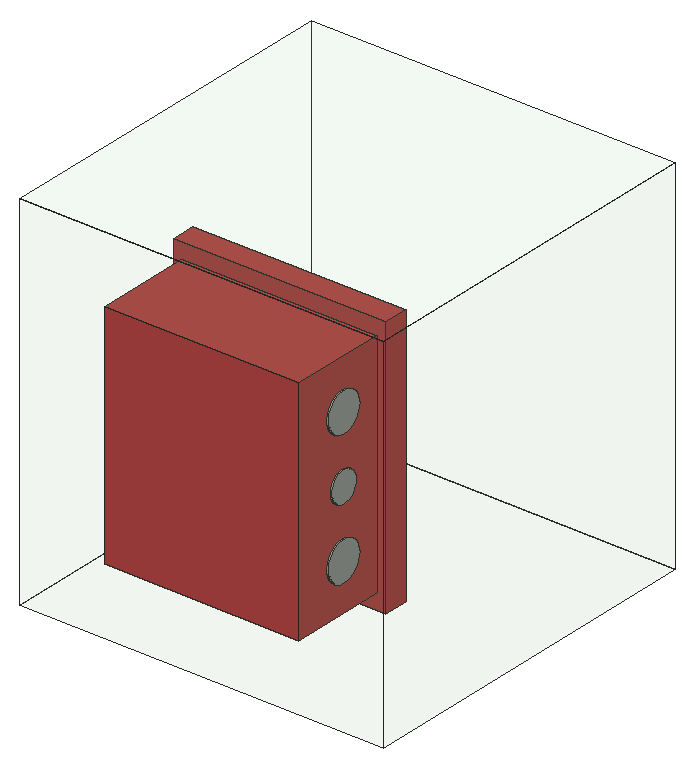
Revit family "ZETA_Коробка_Клемная_КСМР-10_IP54", category Электрические приборы, Revit 2021
Family settings
  Сохранять ориентацию аннотаций = Нет
  Размер круглого соединителя = Использовать диаметр
  Тип детали = Нормальный
  На основе рабочей плоскости = Да
  Всегда вертикально = Нет
  При загрузке вырезать с полостями = Нет
  Общий = Нет
  Точка принадлежности помещению = Да
Parameters (values of type "КСМР-10_IP54")
  УГО_Ширина = 10 mm
  УГО_Смещение_Х [instance] = 0 mm
  УГО_Смещение_Y [instance] = 0 mm
  УГО_Высота = 5 mm
  Температура эксплуатации = "от -40°С до +60°С"
  Сечение жил до = "4мм2"
  Сертификат = "RU C-RU.АД84.В.00192/20"
  Потолочное размещение [instance] = no
  Default Elevation = 1219.2 mm
  Описание = "Коробки клеммные КСМР с наборными зажимами применяются для соединения\r\nи разветвления вторичных и силовых цепей, выполняемых контрольными кабелями\r\nс числом жил до 52 и силовыми кабелями с алюминиевыми или медными жилами\r\nсечением 1,5—4 мм2, проложенные в гибких металлорукавах трубной системы\r\nпрокладки кабелей по ГОСТ Р МЭК 61386.1-2014."
  Номинальный ток = "до 25A"
  Напряжение постоянного тока = "440 В"
  Напряжение переменного тока = "660 В"
  Крышка_Ширина = 160 mm
  Крышка_Длина = 190 mm
  Климатическое исполнение = "У2"
  Изготовитель = "АО «ЗЭТА»"  # constant formula
  Изготавливается по = "ТУ 27.33.13.120-047-99856433-2020"
  URL = "https://nzeta.ru/"
  D2 = 32 mm
  D1 = 25 mm
  В_УГО_Смещение_У [instance] = УГО_Смещение_Y + 2000 mm  # 2000 mm
  В_УГО_Смещение_X [instance] = УГО_Смещение_Х + 2000 mm  # 2000 mm
  ADSK_Ток = 0 A
  ADSK_Степень защиты_IP = "IP54"
  ADSK_Размер_Ширина = 175 mm
  ADSK_Размер_УголПоворота [instance] = if(Потолочное размещение, -90.00°, 180.00°)  # 180.00°
  ADSK_Размер_Длина = 215 mm
  ADSK_Размер_Высота = 100 mm
  ADSK_Примечание [instance] = ""
  ADSK_Полная мощность = 0 VA
  ADSK_Позиция [instance] = ""
  ADSK_Обозначение = "KK"
  ADSK_Номинальная мощность = 0 W
  ADSK_Номер стояка = ""
  ADSK_Номер линии = 0
  ADSK_Напряжение = 230 V
  ADSK_Наименование краткое = "КСМР-10"
  ADSK_Наименование = "Коробка соединительная КСМР-10 У2 IP54 ГОФРОМАТИК"
  ADSK_Материал наименование = "Сталь оцинкованная"
  ADSK_Масса_Текст = "1,85"
  ADSK_Масса = 1.85
  ADSK_Марка = "KK КСМР-10 У2 IP54"
  ADSK_Коэффициент мощности = 1
  ADSK_Количество фаз числовое = 1
  ADSK_Количество фаз = 1
  ADSK_Количество = 1
  ADSK_Код изделия = "zeta30374"
  ADSK_Классификация нагрузок = Прочее
  ADSK_Завод-изготовитель = "АО «ЗЭТА»"  # constant formula
  ADSK_Единица измерения = "шт"  # constant formula
  ADSK_Версия семейства = "v.1"  # constant formula
  ADSK_Версия Revit = "2021"
  ADSK_URL страницы изделия = "https://nzeta.ru/catalog/?q=zeta30374"
  ADSK_URL документации изделия = "https://nzeta.ru/upload/uf/151/96q6qhiftaab7juagx7b3midontnu0y9/passport.pdf"
Reference planes
  plane 1 "По центру (Вперед/Назад)": y = 0
  plane 2: z = 0
  plane 3 "По центру (Влево/Вправо)": x = 0
  plane 4: x = -2000
  plane 5: y = -2000
  plane 6: x = 0
  plane 7: y = 0
Lines and regions (mm)
  reference lines
    curve 1: line (0, 0, 0) -> (0, 0, -180)
    curve 2: line (0, 0, 0) -> (0, 140, 0)
Dimensions and locks
  "В_УГО_Смещение_X": plane 4 to plane 6
  "В_УГО_Смещение_У": plane 7 to plane 5
  angle curve 2 to curve 1 = 90.00°
  "ADSK_Размер_УголПоворота": angle plane 1 "По центру (Вперед/Назад)" to curve 1
  aligned and locked: level to plane 2
  aligned and locked: plane 6 to nested 1
  aligned and locked: nested 1 to plane 7
  aligned and locked: plane 2 to curve 2
  aligned and locked: plane 1 "По центру (Вперед/Назад)" to curve 1
  aligned and locked: nested 2 to curve 2
Nested families
  nested 1: "УГО_Клеменная_Коробка_(GenAnn)" at (0, 0, 0), УГО_Высота <- "УГО_Высота", УГО_Длина <- "УГО_Ширина", ADSK_Обозначение <- "ADSK_Обозначение", ADSK_Степень защиты_IP <- "ADSK_Степень защиты_IP", type "УГО_Клеменная_Коробка_(GenAnn)", detail levels coarse+medium
    with УГО_Длина 10 mm, УГО_Высота 5 mm, ADSK_Степень защиты_IP "IP54", ADSK_Обозначение "KK"
  nested 2: "ZETA_Коробка_Клемная_КСМР-10_IP54_Геометрия" at (0, 0, 0) x (0, 0, -1) z (0, 1, 0), type "КСМР-10", detail levels medium+fine
  nested 3: "Zeta_Зона обслуживания" at (0, 0, 0) x (-1, 0, 0) z (0, 0, -1), type "Зона обслуживания_Куб", detail levels medium+fine
    with Зона обслуживания_Ширина 300 mm, Зона обслуживания_Длина 300 mm, Зона обслуживания_Высота 300 mm
Connectors
  cabletrayconduit at (-81.999, 43.588, 50), diameter 25, driven by "D1"
    settings: on nested 2, index 2, connector width 300 mm, connector height 300 mm, connector angle 0.00°, system type 32, placement type 0, profile type 0, connector reference index -1, is primary connector yes, connector utility param no, connector description ""
  cabletrayconduit at (-81.999, 43.588, -50), diameter 25, driven by "D1"
    settings: on nested 2, index 4, connector width 300 mm, connector height 300 mm, connector angle 0.00°, system type 32, placement type 0, profile type 0, connector reference index -1, is primary connector no, connector utility param no, connector description ""
  electrical at (0, 0, 0), driven by "ADSK_Количество фаз", driven by "ADSK_Классификация нагрузок", driven by "ADSK_Напряжение", driven by "ADSK_Полная мощность", driven by "ADSK_Коэффициент мощности"
    settings: on nested 2, index 5, voltage 230 V, apparent load 0 VA, apparent load phase1 0 VA, apparent load phase2 0 VA, apparent load phase3 0 VA, power factor 1, load classification "Прочее", number of poles 1, system type 30, power factor state 1, is connector primary yes, connector utility no, sub classification motor no, connector description ""
  cabletrayconduit at (81.928, 43.588, 0), diameter 25, driven by "D1"
    settings: on nested 2, index 6, connector width 300 mm, connector height 300 mm, connector angle 0.00°, system type 32, placement type 0, profile type 0, connector reference index -1, is primary connector no, connector utility param no, connector description ""
  cabletrayconduit at (81.928, 43.588, -55), diameter 32, driven by "D2"
    settings: on nested 2, index 7, connector width 300 mm, connector height 300 mm, connector angle 0.00°, system type 32, placement type 0, profile type 0, connector reference index -1, is primary connector no, connector utility param no, connector description ""
Definition of nested family "ZETA_Коробка_Клемная_КСМР-10_IP54_Геометрия"
  Parameters (values of type "КСМР-10")
    Привязки_Штуцер = 100 mm
    Default Elevation = 1219.2 mm
    Основание_Ширина = ADSK_Размер_Ширина * 0.9142  # 159.985 mm
    Основание_Длина = ADSK_Размер_Длина * 0.8835  # 189.953 mm
    Manufacturer = ""
    D2 = 32 mm
    D1 = 25 mm
    ADSK_Размер_Ширина = 175 mm
    ADSK_Размер_Длина = 215 mm
    ADSK_Размер_Высота = 100 mm
  Reference planes
    plane 1 "По центру (Вперед/Назад)": y = 0
    plane 2: z = 0
    plane 3 "По центру (Влево/Вправо)": x = 0
    plane 4: x = -94.976
    plane 5: x = 94.976
    plane 6: y = -79.992
    plane 7: y = 79.993
    plane 8: x = -107.5
    plane 9: y = -87.5
    plane 10: x = 107.5
    plane 11: y = 87.5
    plane 12: z = 100
    plane 13: z = 79.822
    plane 14: y = -57.269
    plane 15: y = 57.269
    plane 16: z = 43.588
    plane 17: y = -81.999
    plane 18: y = 81.928
    plane 19: x = -50
    plane 20: x = 50
    plane 21: x = -55
    plane 22: x = 55
  Forms (mm)
    Extrusion 1, solid
      sketch origin (0, 0, 0) x (1, 0, 0) y (0, 1, 0)
        loop
          line (-94.976, 79.993) -> (-94.976, -79.992) -> (94.976, -79.992) -> (94.976, 79.993) -> (-94.976, 79.993)
      from 0 to 79.822
    Extrusion 2, solid
      sketch origin (0, 0, 0) x (1, 0, 0) y (0, 1, 0)
        loop
          line (-107.5, 87.5) -> (-107.5, -87.5) -> (107.5, -87.5) -> (107.5, 87.5) -> (-107.5, 87.5)
      from 100 to 79.822
    Extrusion 3, solid
      sketch origin (0, 0, 0) x (1, 0, 0) y (0, 0, 1)
        loop
          circle (-50, 43.588) r 12.5
      from 79.992 to 81.999
    Extrusion 4, solid
      sketch origin (117, 0, 0) x (1, 0, 0) y (0, 0, 1)
        loop
          circle (-67, 43.588) r 12.5
      from 81.999 to 79.992
    Extrusion 5, solid
      sketch origin (-94.976, 79.993, 0) x (1, 0, 0) y (0, 0, -1)
        loop
          circle (149.976, -43.588) r 16
        loop
          circle (94.976, -43.588) r 12.5
        loop
          circle (39.976, -43.588) r 16
      from 0 to 1.935
  Dimensions and locks
    equal spacing: plane 4, plane 3 "По центру (Влево/Вправо)", plane 5
    equal spacing: plane 7, plane 1 "По центру (Вперед/Назад)", plane 6
    "Основание_Ширина": plane 7 to plane 6
    "Основание_Длина": plane 4 to plane 5
    equal spacing: plane 11, plane 1 "По центру (Вперед/Назад)", plane 9
    equal spacing: plane 8, plane 3 "По центру (Влево/Вправо)", plane 10
    "ADSK_Размер_Ширина": plane 11 to plane 9
    "ADSK_Размер_Длина": plane 8 to plane 10
    "ADSK_Размер_Высота": plane 12 to level
    locked: plane 6 to plane 17 at 2.006
    locked: plane 18 to plane 7 at 1.935
    equal spacing: plane 19, plane 3 "По центру (Влево/Вправо)", plane 20
    "Привязки_Штуцер": plane 19 to plane 20
    equal spacing: plane 21, plane 3 "По центру (Влево/Вправо)", plane 22
    "D1": diameter of Extrusion 3 sketch curve
    "D1": diameter of Extrusion 4 sketch curve
    "D2": diameter of Extrusion 5 sketch curve  (x2)
    "D1": diameter of Extrusion 5 sketch curve
    aligned and locked: level to plane 2
    aligned and locked: Extrusion 1 sketch curve to plane 7
    aligned and locked: plane 4 to Extrusion 1 sketch curve
    aligned and locked: plane 6 to Extrusion 1 sketch curve
    aligned and locked: Extrusion 1 sketch curve to plane 5
    aligned and locked: Extrusion 2 sketch curve to plane 11
    aligned and locked: plane 8 to Extrusion 2 sketch curve
    aligned and locked: plane 9 to Extrusion 2 sketch curve
    aligned and locked: Extrusion 2 sketch curve to plane 10
    aligned and locked: Extrusion 2 to plane 13
    aligned and locked: Extrusion 1 to Extrusion 2
    aligned and locked: plane 16 to Extrusion 3 sketch curve
    aligned and locked: plane 6 to Extrusion 3
    aligned and locked: Extrusion 3 to plane 17
    aligned and locked: Extrusion 4 to Extrusion 1
    aligned and locked: Extrusion 4 to plane 17
    aligned and locked: plane 19 to Extrusion 3 sketch curve
    aligned and locked: plane 20 to Extrusion 4 sketch curve
    aligned and locked: plane 16 to Extrusion 4 sketch curve
    aligned and locked: plane 18 to Extrusion 5
  Automatic sketch dimensions
    Extrusion 5 sketch curve to Extrusion 1 = 39.976 mm  (x2)
    Extrusion 5 sketch curve to Extrusion 5 sketch curve = 55 mm
    Extrusion 1 to Extrusion 5 sketch curve = 36.234 mm  (x3)
Definition of nested family "Zeta_Зона обслуживания"
  Parameters (values of type "Зона обслуживания_Куб")
    Default Elevation = 1219.2 mm
    Зона обслуживания_Ширина [instance] = 300 mm
    Зона обслуживания_Длина [instance] = 300 mm
    Зона обслуживания_Высота [instance] = 300 mm
  Reference planes
    plane 1 "По центру (Вперед/Назад)": y = 0
    plane 2: z = 0
    plane 3 "По центру (Влево/Вправо)": x = 0
    plane 4: x = -150
    plane 5: x = 150
    plane 6: y = 300
    plane 7: z = 150
    plane 8: z = -150
  Forms (mm)
    Extrusion 1, solid
      sketch origin (0, 0, 0) x (1, 0, 0) y (0, 1, 0)
        loop
          line (-150, 300) -> (-150, 0) -> (150, 0) -> (150, 300) -> (-150, 300)
      from -150 to 150
  Dimensions and locks
    equal spacing: plane 4, plane 3 "По центру (Влево/Вправо)", plane 5
    "Зона обслуживания_Ширина": plane 6 to plane 1 "По центру (Вперед/Назад)"
    "Зона обслуживания_Длина": plane 4 to plane 5
    equal spacing: plane 7, level, plane 8
    "Зона обслуживания_Высота": plane 7 to plane 8
    aligned and locked: level to plane 2
    aligned and locked: Extrusion 1 sketch curve to plane 6
    aligned and locked: plane 4 to Extrusion 1 sketch curve
    aligned and locked: Extrusion 1 sketch curve to plane 5
    aligned and locked: Extrusion 1 to plane 8
    aligned and locked: plane 7 to Extrusion 1
    aligned and locked: plane 1 "По центру (Вперед/Назад)" to Extrusion 1
  Automatic sketch dimensions
    plane 1 "По центру (Вперед/Назад)" to Extrusion 1 sketch curve = 0 mm
Definition of nested family "УГО_Клеменная_Коробка_(GenAnn)"
  Parameters (values of type "УГО_Клеменная_Коробка_(GenAnn)")
    УГО_Длина [instance] = 10 mm
    УГО_Высота [instance] = 5 mm
    ADSK_Степень защиты_IP [instance] = ""
    ADSK_Обозначение [instance] = ""
  Reference planes
    plane 1: y = 0
    plane 2: x = 0
  Lines and regions (mm)
    Filled region 1, type "Filled region 1"
      outline origin (0, 0, 0) x (1, 0, 0) y (0, 1, 0)
        loop
          line (-5, 2.5) -> (-5, -2.5) -> (5, -2.5) -> (5, 2.5) -> (-5, 2.5)
    reference lines
      curve 1: line (-5, 2.5, 0) -> (-5, -2.5, 0)
      curve 2: line (-5, -2.5, 0) -> (5, -2.5, 0)
      curve 3: line (5, 2.5, 0) -> (5, -2.5, 0)
      curve 4: line (-5, 2.5, 0) -> (5, 2.5, 0)
  Text (mm)
    label "KK IP 54" at (0.033, -0.03, 0), shows "ADSK_Обозначение", "ADSK_Степень защиты_IP"
  Dimensions and locks
    equal spacing: curve 1, plane 2, curve 3
    equal spacing: curve 2, plane 1, curve 4
    "УГО_Длина": curve 1 to curve 3
    "УГО_Высота": curve 2 to curve 4
    aligned and locked: Filled region 1 sketch curve to curve 4
    aligned and locked: Filled region 1 sketch curve to curve 1
    aligned and locked: Filled region 1 sketch curve to curve 2
    aligned and locked: Filled region 1 sketch curve to curve 3
